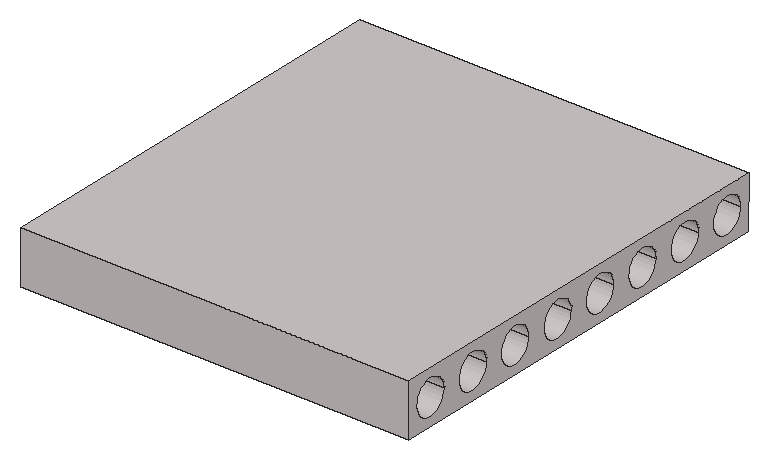
Revit family "d8c248f742c144028b6eda35c2a657e6", category Structural Framing, Revit 2021
Family settings
  Display in Hidden Views = Edges Hidden by Other Members
  Structural Framing Length Roundoff = 0' - 0"
  Section Shape = Not Defined
  Material for Model Behavior = Precast Concrete
  Always export as geometry = No
  OmniClass Number = 23.25.30.11
  OmniClass Title = Structural Frames
  Seek Item ID = Precast-Hollow Core Slab-0000-USA-ENU
  Always vertical = Yes
  Cut with Voids When Loaded = No
  Symbolic Representation = From Family
  Shared = No
  Show family pre-cut in plan views = Yes
Parameters (values of type "4HC6")
  Structural Material [instance] = Concrete, Precast
  Number Of Cores = 8
  Assembly Code = "B10"
  Depth = 0' - 6"
  Length [instance] = 5' - 0"
  Core Radius = 0' - 2"
  Core Offset = 0' - 3"
  Width = 4' - 0"
Types (5): name | Number Of Cores | Depth | Core Radius | Core Offset
  (no name) | 8 | 0' - 6" | 0' - 2" | 0' - 3"
  4HC6 | 8 | 0' - 6" | 0' - 2" | 0' - 3"
  4HC8 | 6 | 0' - 8" | 0' - 2 11/16" | 0' - 4"
  4HC10 | 4 | 0' - 10" | 0' - 3 5/16" | 0' - 9"
  4HC12 | 4 | 1' - 0" | 0' - 4" | 0' - 6"
Reference planes (in)
  plane 1 "Center (Front/Back)": y = 0
  plane 2: z = 0
  plane 3 "Center (Left/Right)": x = 0.1815
  plane 4 "Member Left": x = -21.8185
  plane 5 "Member Right": x = 22.1815
  plane 6: y = 24
  plane 7: y = -24
  plane 8: z = 3
  plane 9 "Bottom": z = -3
  plane 10 "Left": x = -29.8185
  plane 11 "Right": x = 30.1815
Dimensions and locks (in)
  "Width": plane 6 to plane 7
  equal spacing: plane 9 "Bottom", plane 2, plane 8
  equal spacing: plane 6, plane 1 "Center (Front/Back)", plane 7
  "Depth": plane 9 "Bottom" to plane 8
  "Length": plane 10 "Left" to plane 11 "Right"
  aligned and locked: nested 1 to plane 4 "Member Left"
  aligned and locked: nested 1 to plane 5 "Member Right"
Nested families (in)
  nested 1: "Hollow Core" at (-21.8185, 0, 0), Material <- "Structural Material", Number Of Cores <- "Number Of Cores", Width <- "Width", Depth <- "Depth", Core Radius <- "Core Radius", Core Offset <- "Core Offset", type "Hollow Core"
    with Width 4' - 0", Number Of Cores 8, Material Concrete, Precast, built-in parameter 1001306 3.6667 (stored number, unit not read), Depth 0' - 6", Core Radius 0' - 2", Core Offset 0' - 3"
Definition of nested family "Hollow Core"
  Parameters
    Number Of Cores [instance] = 2
    Width [instance] = 4' - 0"
    Material [instance] = none
    built-in parameter 1001306 [instance] = 4' - 0"
    Depth [instance] = 0' - 6"
    Default Elevation = 0' - 0"
    Core Radius [instance] = 0' - 2"
    Core Offset [instance] = 0' - 4"
    Assembly Code = ""
  Reference planes (in)
    plane 1 "Center (Front/Back)": y = 0
    plane 2: z = 0
    plane 3 "Left": x = 0
    plane 4 "Right": x = 48
    plane 5: z = 3
    plane 6: z = -3
    plane 7: y = -24
    plane 8: y = 24
    plane 9: y = 20
    plane 10: y = -20
  Forms (in)
    Extrusion 1, solid, material <- "Material"
      sketch origin (0, 0, 0) x (0, 1, 0) y (0, 0, 1)
        loop
          line (24, 3) -> (-24, 3) -> (-24, -3) -> (24, -3) -> (24, 3)
      from 0 to 48
    Extrusion 2, void
      sketch origin (0, 0, 0) x (0, 1, 0) y (0, 0, 1)
        loop
          circle (20, 0) r 2
      from 0 to 48 <- "built-in parameter 1001306"
    Extrusion 3, void
      sketch origin (0, -40, 0) x (0, 1, 0) y (0, 0, 1)
        loop
          circle (20, 0) r 2
      from 0 to 48 <- "built-in parameter 1001306"
  Cuts and joins
    Extrusion 2, Extrusion 3 cuts Extrusion 1
  Lines and regions (in)
    reference lines
      curve 1: line (0, 0, 0) -> (48, 0, 0)
  Dimensions and locks (in)
    "built-in parameter 1001306": plane 3 "Left" to plane 4 "Right"
    "Depth": plane 5 to plane 6
    equal spacing: plane 5, level, plane 6
    "Width": plane 8 to plane 7
    equal spacing: plane 8, plane 1 "Center (Front/Back)", plane 7
    group 1 to group 2 = 0' - 0"  (x2)
    group 2 to group 1 = 3' - 4"
    "Core Offset": plane 8 to plane 9
    "Core Offset": plane 10 to plane 7
    "Core Radius": radius of Extrusion 2 sketch curve
    "Core Radius": radius of Extrusion 3 sketch curve
    aligned and locked: plane 4 "Right" to curve 1
    aligned and locked: plane 1 "Center (Front/Back)" to curve 1
    aligned and locked: plane 3 "Left" to curve 1
    aligned and locked: Extrusion 1 to plane 3 "Left"
    aligned and locked: plane 4 "Right" to Extrusion 1
    aligned and locked: Extrusion 1 sketch curve to plane 6
    aligned and locked: plane 5 to Extrusion 1 sketch curve
    aligned and locked: plane 8 to Extrusion 1 sketch curve
    aligned and locked: Extrusion 1 sketch curve to plane 7
    aligned and locked: plane 9 to Extrusion 2 sketch curve
    aligned and locked: plane 10 to Extrusion 3 sketch curve
